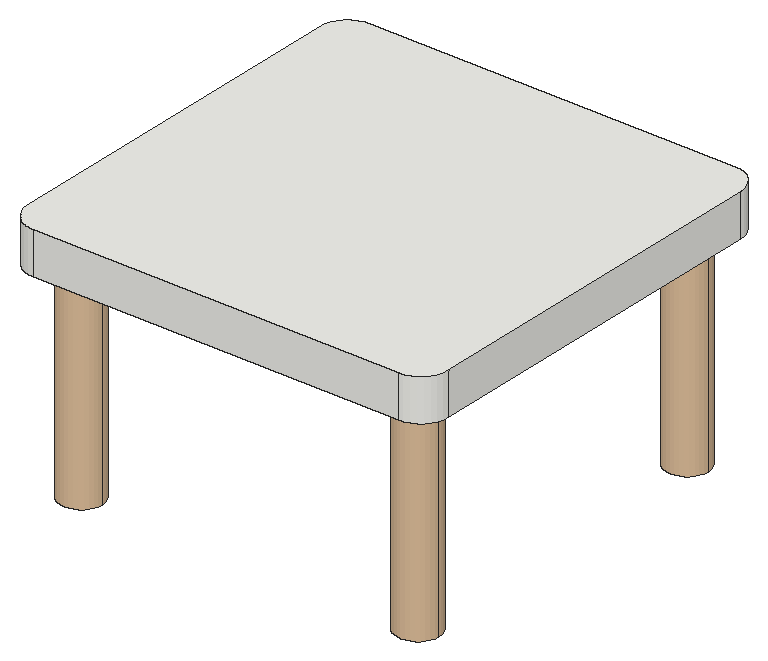
Revit family "Test family 4", category Furniture, Revit 2024
Family settings
  OmniClass Number = 23.40.20.14.17
  OmniClass Title = Residential Tables and Cabinets
  Work Plane-Based = No
  Enable Cutting in Views = No
  Always vertical = Yes
  Cut with Voids When Loaded = No
  Render Appearance Source = Family Geometry
  Shared = Yes
  Room Calculation Point = No
Parameters (values of type "0762 x 0762mm")
  Default Elevation = 0.00 mm
  Base Material = Wood - Birch
  Height = 457.00 mm
  Length = 762.00 mm
  Top Material = Laminate - Ivory, Matte
  Width = 762.00 mm
Types (4, lengths in mm): name | Height | Length | Width
  (no name) | 457.00 | 762.00 | 762.00
  0610 x 0160mm | 762.00 | 610.00 | 610.00
  0762 x 0762mm | 457.00 | 762.00 | 762.00
  0610 x 0915mm | 762.00 | 610.00 | 915.00
Reference planes
  plane 1: y = 152.4
  plane 2: z = 0
  plane 3 "Left": x = 3.734
  plane 4 "Right": x = 765.734
  plane 5 "Back": y = 533.4
  plane 6 "Front": y = -228.6
  plane 7: x = 384.734
Forms (mm)
  Extrusion 1, solid, material "Laminate - Ivory, Matte" <- "Top Material"
    sketch origin (0, 0, 0) x (1, 0, 0) y (0, 1, 0)
      loop
        line (54.534, -228.6) -> (714.934, -228.6)
        arc (714.934, -228.6) -> (750.855, -213.721) -> (765.734, -177.8) r 50.8
        line (765.734, -177.8) -> (765.734, 482.6)
        arc (765.734, 482.6) -> (750.855, 518.521) -> (714.934, 533.4) r 50.8
        line (714.934, 533.4) -> (54.534, 533.4)
        arc (54.534, 533.4) -> (18.613, 518.521) -> (3.734, 482.6) r 50.8
        line (3.734, 482.6) -> (3.734, -177.8)
        arc (3.734, -177.8) -> (18.613, -213.721) -> (54.534, -228.6) r 50.8
    from 380.8 to 457
  Extrusion 2, solid, material "Wood - Birch" <- "Base Material"
    sketch origin (0, 0, 0) x (1, 0, 0) y (0, 1, 0)
      loop
        circle (79.934, 457.2) r 38.1
      loop
        circle (79.934, -152.4) r 38.1
      loop
        circle (689.534, -152.4) r 38.1
      loop
        circle (689.534, 457.2) r 38.1
    from 0 to 380.8
Lines and regions (mm)
  Masking region 1
    outline origin (0, 0, 0) x (1, 0, 0) y (0, 1, 0)
      loop
        arc (54.534, 533.4) -> (18.613, 518.521) -> (3.734, 482.6) r 50.8
        line (3.734, 482.6) -> (3.734, -177.8)
        arc (3.734, -177.8) -> (18.613, -213.721) -> (54.534, -228.6) r 50.8
        line (54.534, -228.6) -> (714.934, -228.6)
        arc (714.934, -228.6) -> (750.855, -213.721) -> (765.734, -177.8) r 50.8
        line (765.734, -177.8) -> (765.734, 482.6)
        arc (765.734, 482.6) -> (750.855, 518.521) -> (714.934, 533.4) r 50.8
        line (714.934, 533.4) -> (54.534, 533.4)
Dimensions and locks
  locked: Extrusion 1 to Extrusion 1 at 76.2
  "Height": Extrusion 1 to plane 2
  locked: Extrusion 1 to Extrusion 2 sketch curve at 76.2  (x8)
  "Width": plane 5 "Back" to plane 6 "Front"
  "Length": plane 3 "Left" to plane 4 "Right"
  equal spacing: plane 5 "Back", plane 1, plane 6 "Front"
  equal spacing: plane 3 "Left", plane 7, plane 4 "Right"
  radius of Extrusion 1 sketch curve = 50.80 mm  (x4)
  aligned and locked: plane 2 to level
  aligned and locked: plane 6 "Front" to Extrusion 1 sketch curve
  aligned and locked: Extrusion 2 to Extrusion 1
  aligned and locked: Masking region 1 sketch curve to plane 5 "Back"
  aligned and locked: plane 3 "Left" to Masking region 1 sketch curve
  aligned and locked: plane 4 "Right" to Masking region 1 sketch curve
  aligned and locked: Masking region 1 sketch curve to plane 6 "Front"
  aligned: Masking region 1 sketch curve to Extrusion 1
Automatic sketch dimensions
  Extrusion 2 sketch curve to Extrusion 2 sketch curve = 38.10 mm  (x4)
  Extrusion 1 sketch curve to plane 3 "Left" = 0.00 mm
  Extrusion 1 sketch curve to plane 4 "Right" = 0.00 mm
  Extrusion 1 sketch curve to plane 5 "Back" = 0.00 mm
  plane 3 "Left" to Masking region 1 sketch curve = 50.80 mm  (x2)
  plane 4 "Right" to Masking region 1 sketch curve = 50.80 mm  (x2)
